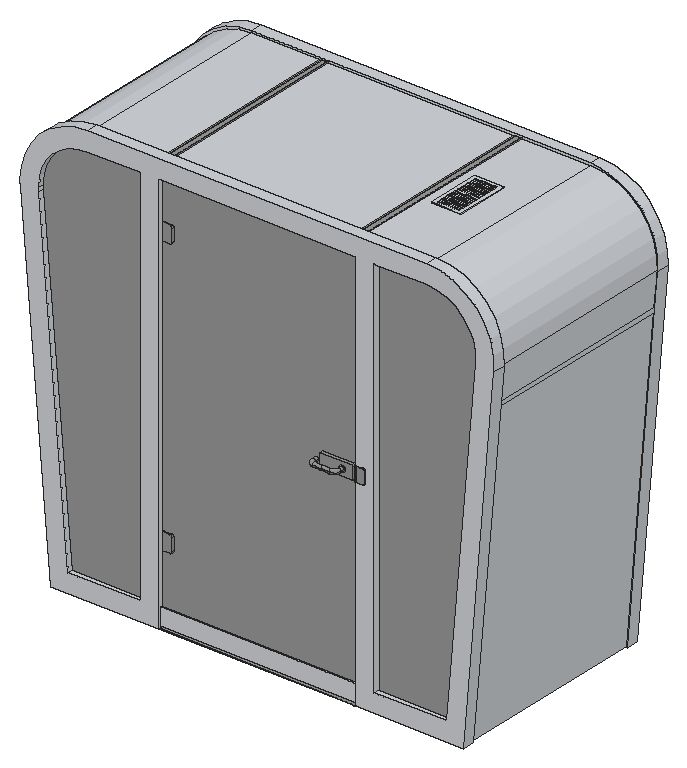
Revit family "Retreat 2.1 - PET Back", category Generic Models, host Floor, Revit 2020 (continued)
Forms (mm)
  Extrusion 20, solid, material "Stainless Steel, Brushed"
    sketch origin (-360.133, -562.062, 13.524) x (1, 0, 0) y (0, 0, 1)
      loop
        line (-136.017, 1868.453) -> (-136.017, 1786.453)
        arc (-136.017, 1786.453) -> (-135.431, 1785.039) -> (-134.017, 1784.453) r 2
        line (-134.017, 1784.453) -> (-98.767, 1784.453)
        arc (-98.767, 1784.453) -> (-91.696, 1787.382) -> (-88.767, 1794.453) r 10
        line (-88.767, 1794.453) -> (-88.767, 1860.453)
        arc (-88.767, 1860.453) -> (-91.696, 1867.524) -> (-98.767, 1870.453) r 10
    from -20.562 to -13.062
  Extrusion 21, solid, material "Stainless Steel, Brushed"
    sketch origin (-360.133, -562.062, 13.524) x (1, 0, 0) y (0, 0, 1)
      loop
        line (-131.767, 1868.453) -> (-131.767, 1786.453)
        arc (-131.767, 1786.453) -> (-131.181, 1785.039) -> (-129.767, 1784.453) r 2
        line (-129.767, 1784.453) -> (-98.767, 1784.453)
        arc (-98.767, 1784.453) -> (-91.696, 1787.382) -> (-88.767, 1794.453) r 10
        line (-88.767, 1794.453) -> (-88.767, 1860.453)
        arc (-88.767, 1860.453) -> (-91.696, 1867.524) -> (-98.767, 1870.453) r 10
        line (-98.767, 1870.453) -> (-129.767, 1870.453)
        arc (-129.767, 1870.453) -> (-131.181, 1869.867) -> (-131.767, 1868.453) r 2
      loop
        line (-98.767, 435.453) -> (-129.767, 435.453)
        arc (-129.767, 435.453) -> (-131.181, 434.867) -> (-131.767, 433.453) r 2
        line (-131.767, 433.453) -> (-131.767, 351.453)
        arc (-131.767, 351.453) -> (-131.181, 350.039) -> (-129.767, 349.453) r 2
        line (-129.767, 349.453) -> (-98.767, 349.453)
        arc (-98.767, 349.453) -> (-91.696, 352.382) -> (-88.767, 359.453) r 10
        line (-88.767, 359.453) -> (-88.767, 425.453)
        arc (-88.767, 425.453) -> (-91.696, 432.524) -> (-98.767, 435.453) r 10
    from -36.062 to -28.562
  Extrusion 22, solid, material "Stainless Steel, Brushed"
    sketch origin (-170.784, 0, 13.524) x (1, 0, 0) y (0, 0, 1)
      loop
        line (493.614, 1094.953) -> (493.614, 1031.953)
        arc (493.614, 1031.953) -> (494.2, 1030.539) -> (495.614, 1029.953) r 2
        line (495.614, 1029.953) -> (663.284, 1029.953)
        arc (663.284, 1029.953) -> (664.698, 1030.539) -> (665.284, 1031.953) r 2
        line (665.284, 1031.953) -> (665.284, 1094.778)
        arc (665.284, 1094.778) -> (664.766, 1096.304) -> (663.291, 1096.953) r 2
        line (663.291, 1096.953) -> (495.614, 1096.953)
        arc (495.614, 1096.953) -> (494.2, 1096.367) -> (493.614, 1094.953) r 2
    from 541.5 to 562.5
  Extrusion 23, solid, material "Stainless Steel, Brushed"
    sketch origin (-169.893, -560.5, 13.524) x (1, 0, 0) y (0, 0, 1)
      loop
        arc (635.614, 1092.453) -> (634.296, 1095.635) -> (631.114, 1096.953) r 4.5
        line (631.114, 1096.953) -> (497.223, 1096.953)
        arc (497.223, 1096.953) -> (494.041, 1095.635) -> (492.723, 1092.453) r 4.5
        line (492.723, 1092.453) -> (492.723, 1034.453)
        arc (492.723, 1034.453) -> (494.041, 1031.271) -> (497.223, 1029.953) r 4.5
        line (497.223, 1029.953) -> (631.114, 1029.953)
        arc (631.114, 1029.953) -> (634.296, 1031.271) -> (635.614, 1034.453) r 4.5
        line (635.614, 1034.453) -> (635.614, 1092.453)
    from -36 to -27
  Extrusion 24, solid, material "Stainless Steel, Brushed"
    sketch origin (-165.822, -562.5, 13.524) x (1, 0, 0) y (0, 0, 1)
      loop
        circle (607.064, 1063.453) r 14.5
    from 0 to 3
  Extrusion 25, solid, material "Stainless Steel, Brushed"
    sketch origin (-165.822, -524.5, 13.524) x (1, 0, 0) y (0, 0, -1)
      loop
        circle (607.064, -1063.453) r 14.5
    from 0 to 3
  Sweep 26, solid, material "Stainless Steel, Brushed"
    path origin (-60.147, 0, 0) x (1, 0, 0) y (0, 1, 0)
      loop
        line (381.507, -567.5) -> (381.507, -585.564)
        arc (381.507, -585.564) -> (384.944, -593.861) -> (393.24, -597.297) r 11.733
        line (393.24, -597.297) -> (436.507, -597.297) -> (479.774, -597.297)
        arc (479.774, -597.297) -> (488.071, -593.861) -> (491.507, -585.564) r 11.733
        line (491.507, -585.564) -> (491.507, -565.5)
    profile origin (321.36, -576.532, 0) x (1, 0, 0) y (0, 0, 1)
      loop
        circle (-10, 1077.351) r 10
  Sweep 27, solid, material "Stainless Steel, Brushed"
    path origin (-60.147, -1075, 0) x (1, 0, 0) y (0, -1, 0)
      loop
        line (381.507, -567.5) -> (381.507, -585.564)
        arc (381.507, -585.564) -> (384.944, -593.861) -> (393.24, -597.297) r 11.733
        line (393.24, -597.297) -> (436.507, -597.297) -> (479.774, -597.297)
        arc (479.774, -597.297) -> (488.071, -593.861) -> (491.507, -585.564) r 11.733
        line (491.507, -585.564) -> (491.507, -565.5)
    profile origin (321.36, -498.468, 0) x (-1, 0, 0) y (0, 0, 1)
      loop
        circle (10, 1077.351) r 10
  Extrusion 28, solid, material "Stainless Steel, Brushed"
    sketch origin (-165.704, -562.5, 1090.874) x (1, 0, 0) y (0, 0, 1)
      loop
        circle (607.064, -13.524) r 10
    from -53 to -41
  Extrusion 29, solid, material "Stainless Steel, Brushed"
    sketch origin (0, 0, 0) x (1, 0, 0) y (0, 0, 1)
      loop
        line (-510, 0) -> (510, 0) -> (510, 2) -> (-510, 2) -> (-510, 0)
    from 500 to 560
  Extrusion 30, solid, material "Stainless Steel, Brushed"
    sketch origin (0.214, 530.022, 0) x (1, 0, 0) y (0, 0, 1)
      loop
        line (508, 1114.476) -> (508, 1039.476) -> (547, 1039.476)
        arc (547, 1039.476) -> (554.071, 1042.405) -> (557, 1049.476) r 10
        line (557, 1049.476) -> (557, 1104.476)
        arc (557, 1104.476) -> (554.071, 1111.547) -> (547, 1114.476) r 10
        line (547, 1114.476) -> (508, 1114.476)
    from 1066.5 to 1092.5
  Extrusion 31, void
    sketch origin (0.214, 567.913, 0) x (1, 0, 0) y (0, 1, 0)
      loop
        line (557, -1101.429) -> (509.772, -1101.429) -> (509.772, -1127.891) -> (557, -1127.891) -> (557, -1101.429)
    from 1039.476 to 1114.476
  Extrusion 32, solid
    sketch origin (0, 0, 0) x (1, 0, 0) y (0, 0, 1)
      loop
        line (-488.5, 95) -> (488.5, 95) -> (488.5, 2095.91) -> (-488.5, 2095.91) -> (-488.5, 95)
    from -549 to -547
  Extrusion 33, solid
    sketch origin (0, 0, 0) x (1, 0, 0) y (0, 0, 1)
      loop
        arc (-876.147, 2095.91) -> (-1065.651, 2017.415) -> (-1144.147, 1827.91) r 268
        arc (-1144.147, 1827.91) -> (-1143.892, 1816.22) -> (-1143.127, 1804.552) r 268
        line (-1143.127, 1804.552) -> (-985.249, 0) -> (-498.703, 0) -> (-498.703, 2095.91) -> (-876.147, 2095.91)
      loop
        line (876.147, 2095.91) -> (500, 2095.91) -> (500, 0) -> (985.249, 0) -> (1143.127, 1804.552)
        arc (1143.127, 1804.552) -> (1143.892, 1816.22) -> (1144.147, 1827.91) r 268
        arc (1144.147, 1827.91) -> (1065.651, 2017.415) -> (876.147, 2095.91) r 268
    from -500 to -491
  Extrusion 34, solid
    sketch origin (0, 0, 0) x (1, 0, 0) y (0, 0, 1)
      loop
        line (572.5, 2083) -> (572.5, 95) -> (980.949, 95) -> (1130.622, 1805.775)
        arc (1130.622, 1805.775) -> (1064.598, 2000.276) -> (876.592, 2083) r 255
        line (876.592, 2083) -> (572.5, 2083)
      loop
        line (-572.5, 95) -> (-572.5, 2083) -> (-876.592, 2083)
        arc (-876.592, 2083) -> (-1056.905, 2008.312) -> (-1131.592, 1828) r 255
        arc (-1131.592, 1828) -> (-1131.35, 1816.877) -> (-1130.622, 1805.775) r 255
        line (-1130.622, 1805.775) -> (-980.949, 95) -> (-572.5, 95)
    from -549 to -547
Cuts and joins
  joined: Extrusion 5, Extrusion 6
  Extrusion 31 cuts Extrusion 30
  joined: Extrusion 23, Extrusion 25, Sweep 27, Extrusion 28
  joined: Extrusion 22, Extrusion 24, Sweep 26
Dimensions and locks
  aligned and locked: level to plane 2
